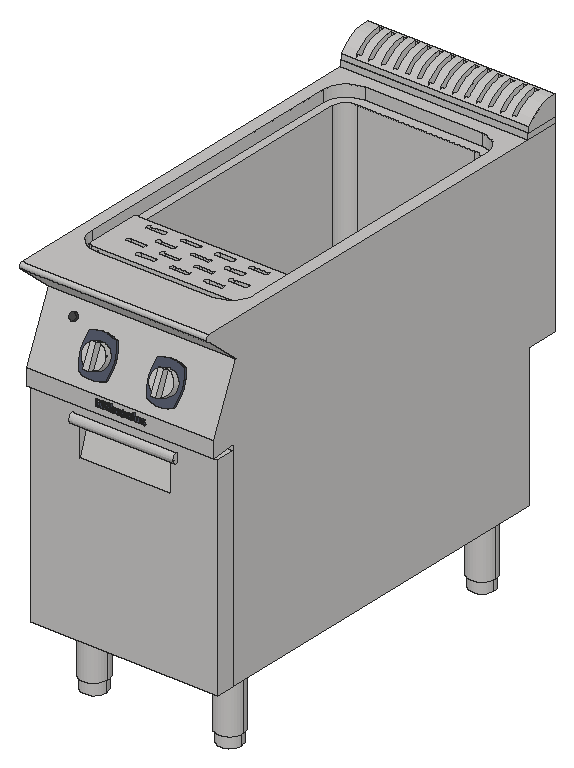
Revit family "QF_ELECTROLUXPROFESSIONAL_391203_E9PCED1MF2", category Specialty Equipment, Revit 2018
Family settings
  Round Connector Dimension = Use Diameter
  Part Type = Normal
  Work Plane-Based = No
  Always vertical = Yes
  Cut with Voids When Loaded = No
  Shared = No
  Room Calculation Point = No
Parameters
  Width = 400 mm  # constant formula
  Weight in Pounds = 136.7  # constant formula
  Watts = 10000 VA  # 10000 W
  Waste Water Discharge Temperature [instance] = -459.67 °F
  Volts = 208 V  # constant formula
  URL Cutsheet = "www.electrolux.com/foodservice"
  URL = "www.electrolux.com/foodservice"
  Type Mark [instance] = ""
  Status [instance] = ""
  Specification by User [instance] = ""
  Specification by Manufacturer = ""
  Show Logo [instance] = yes
  Show Clearance [instance] = yes
  Serial Number = ""
  Seismic Rating = ""
  SMACNA No = ""
  Revision Code [instance] = ""
  Plumbing Remarks [instance] = ""
  Plumbing Connection Type [instance] = ""
  Phase = 3  # constant formula
  Omniclass Number and Title = ""
  Number of Poles [instance] = 1
  NAFEM Spec ID Number = ""
  Model = "391203"
  Min Ckt Ampacity = 0 A
  Max Overcurrent Protection = 0 A
  Masterspec = ""
  Manufacturer = "ELECTROLUX"
  Item Number [instance] = ""
  Installed By [instance] = ""
  Indirect Waste Size = 25.4 mm  # 1"
  Indirect Waste Flow [instance] = 0 GPM
  Indirect Waste Connection Type [instance] = ""
  Indirect Waste Connection Height = 0 mm
  Identify Quantity as Lot [instance] = yes
  Height = 851 mm  # constant formula
  HP = "13.4 HP"
  Furnished By [instance] = ""
  Foodservice Equipment Identifier [instance] = yes
  FL Amps = if(Phase = 3, Watts / (Volts * 1.73), Watts / Volts)  # 27.7901 A
  Electrical Remarks [instance] = ""
  Electric Connection Type [instance] = ""
  Elec Conn RI Height [instance] = 0 mm
  Elec Conn Connection Height [instance] = 0 mm
  Direct Waste Size = 1"
  Description = "ELECTRIC PASTA COOKER 1X40 LT WELL-208V"
  Depth = 930 mm  # constant formula
  Cycle [instance] = if([60 Hertz Option], 60 Hz, 50 Hz)  # 60 Hz
  Conn Plug = ""
  Conn Conduit = yes
  Cold Water Temperature Recommended [instance] = -459.67 °F
  Cold Water Size = 19.1 mm  # 0.75197"
  Cold Water RI Height [instance] = 0 mm
  Cold Water Minimum Pressure = 0.00 psi
  Cold Water Maximum Pressure = 0.00 psi
  Cold Water Flow [instance] = 0 GPM
  Cold Water Consumption = ""
  Cold Water Connection Height = 0 mm
  CSI MasterFormat = ""
  CSI Master Format = ""
  Base Height [instance] = 150 mm  # constant formula
  Apparent Power = if(Phase = 3, Volts * FL Amps * 1.73, Volts * FL Amps)  # 10000 VA
  60 Hertz Option [instance] = not([50 Hertz Option])  # yes
  50 Hertz Option [instance] = no
Reference planes
  plane 1 "BACK": y = 0
  plane 2: z = 0
  plane 3 "LEFT": x = 0
  plane 4 "RIGHT": x = 400
  plane 5 "FRONT": y = -930
  plane 6 "TOP": z = 908
  plane 7 "Center Y": x = 200
  plane 8 "Center X": y = -465
  plane 9 "BASE": z = 601.763
  plane 10 "TOP A": z = 851
  plane 11: z = 150
  plane 12: y = -126
  plane 13: y = -800
  plane 14: y = -1273
  plane 15: x = 345
  plane 16: x = 55
  plane 17: y = -1273
  plane 18: x = 232
  plane 19: x = 334.782
  plane 20: x = 240
  plane 21: x = 240
Forms (mm)
  Extrusion 1, solid, material "QF_Finishes_Stainless Steel"
    sketch origin (0, 0, 0) x (0, 1, 0) y (0, 0, 1)
      loop
        line (0, 851) -> (-923.65, 851)
        arc (-923.65, 851) -> (-929.517, 847.08) -> (-928.14, 840.16) r 6.35
        line (-928.14, 840.16) -> (-852.034, 773.495) -> (-912.145, 642.892) -> (-912.145, 608.853) -> (-858.773, 614.463) -> (-858.773, 150) -> (-70, 150) -> (-70, 451.763) -> (0, 451.763) -> (0, 851)
      loop
        line (-900, 601.763) -> (-900, 150) -> (-860.361, 150) -> (-860.361, 601.763) -> (-900, 601.763)
    from 0 to 400
  Extrusion 2, void
    sketch origin (0, 0, 851) x (-1, 0, 0) y (0, -1, 0)
      loop
        arc (-75, 101.89) -> (-39.645, 116.535) -> (-25, 151.89) r 50
        line (-25, 151.89) -> (-25, 770)
        arc (-25, 770) -> (-39.645, 805.355) -> (-75, 820) r 50
        line (-75, 820) -> (-325, 820)
        arc (-325, 820) -> (-360.355, 805.355) -> (-375, 770) r 50
        line (-375, 770) -> (-375, 151.89)
        arc (-375, 151.89) -> (-360.355, 116.535) -> (-325, 101.89) r 50
        line (-325, 101.89) -> (-75, 101.89)
    from 0 to -25
  Extrusion 3, solid, material "QF_Clearances", visible <- "Show Clearance", detail levels coarse
    sketch origin (0, 0, 0) x (1, 0, 0) y (0, 1, 0)
      loop
        line (0, 0) -> (400, 0) -> (400, 100) -> (0, 100) -> (0, 0)
    from 0 to 908
  Revolve 4, solid, material "QF_Finishes_Stainless Steel"
    sketch origin (0, -126, 608.09) x (0, 0, 1) y (-1, 0, 0)
      loop
        line (-608.09, -55) -> (-458.09, -55) -> (-458.09, -26) -> (-583.09, -26) -> (-583.09, -28.75) -> (-608.09, -28.75) -> (-608.09, -55)
      axis (-608.09, -55) -> (-458.09, -55)
    angle from 0 to 360
  Revolve 5, solid, material "QF_Finishes_Stainless Steel"
    sketch origin (400.05, -126, 608.09) x (0, 0, 1) y (-1, 0, 0)
      loop
        line (-608.09, 55.05) -> (-608.09, 29.8) -> (-583.09, 29.8) -> (-583.09, 26.05) -> (-458.09, 26.05) -> (-458.09, 55.05) -> (-608.09, 55.05)
      axis (-608.09, 55.05) -> (-458.09, 55.05)
    angle from 0 to 360
  Extrusion 6, solid, material "QF_Door-Drawer Clearances", visible <- "Show Clearance", detail levels coarse
    sketch origin (0, 0, 851) x (-1, 0, 0) y (0, -1, 0)
      loop
        line (-400, 1273) -> (-400, 900) -> (-0.912, 900)
        arc (-0.912, 900) -> (-126.87, 1165.233) -> (-400, 1273) r 400
    from -701 to -249.237
  Revolve 7, solid, material "QF_Finishes_Stainless Steel"
    sketch origin (400.05, -800, 608.09) x (0, 0, 1) y (-1, 0, 0)
      loop
        line (-608.09, 55.05) -> (-608.09, 29.8) -> (-583.09, 29.8) -> (-583.09, 26.05) -> (-458.09, 26.05) -> (-458.09, 55.05) -> (-608.09, 55.05)
      axis (-608.09, 55.05) -> (-458.09, 55.05)
    angle from 0 to 360
  Extrusion 8, solid, material "QF_Finishes_Stainless Steel"
    sketch origin (200, 0, 0) x (0, 1, 0) y (0, 0, 1)
      loop
        line (-71.89, 863.9) -> (-71.89, 851) -> (0, 851) -> (0, 863.9) -> (-71.89, 863.9)
    from -200 to 200
  Extrusion 9, void
    sketch origin (200, -12.863, 0) x (0, 1, 0) y (0, 0, 1)
      loop
        line (-887.138, 564.263) -> (-887.138, 500.55) -> (-863.948, 564.263) -> (-887.138, 564.263)
    from -96.424 to 99.144
  Extrusion 10, solid, material "QF_Finishes_Stainless Steel"
    sketch origin (200, -12.863, 22.5) x (0, 1, 0) y (0, 0, 1)
      loop
        line (-887.137, 541.763) -> (-887.137, 561.763)
        arc (-887.137, 561.763) -> (-897.137, 551.763) -> (-887.137, 541.763) r 10
    from -110.529 to 112.106
  Revolve 11, solid, material "QF_Finishes_Stainless Steel"
    sketch origin (0, -800, 608.09) x (0, 0, 1) y (1, 0, 0)
      loop
        line (-608.09, 55) -> (-608.09, 28.75) -> (-583.09, 28.75) -> (-583.09, 26) -> (-458.09, 26) -> (-458.09, 55) -> (-608.09, 55)
      axis (-608.09, 55) -> (-458.09, 55)
    angle from 0 to 360
  Extrusion 12, solid, material "QF_Finishes_Stainless Steel"
    sketch origin (0, 0, 574.263) x (0, 1, 0) y (0, 0, 1)
      loop
        line (0, 289.638) -> (0, 333.737)
        arc (0, 333.737) -> (-39.336, 326.03) -> (-69.85, 300.038) r 79.141
        line (-69.85, 300.038) -> (-69.85, 289.638) -> (0, 289.638)
    from 0 to 400
  Extrusion 13, void
    sketch origin (0, 0, 848.9) x (0, -1, 0) y (1, 0, 0)
      loop
        line (6.761, 28.703) -> (63.911, 28.703) -> (63.911, 37.999) -> (6.761, 37.999) -> (6.761, 28.703)
      loop
        line (63.911, 63.487) -> (6.761, 63.487) -> (6.761, 54.191) -> (63.911, 54.191) -> (63.911, 63.487)
      loop
        line (63.911, 89.975) -> (6.761, 89.975) -> (6.761, 80.68) -> (63.911, 80.68) -> (63.911, 89.975)
      loop
        line (63.911, 115.464) -> (6.761, 115.464) -> (6.761, 106.168) -> (63.911, 106.168) -> (63.911, 115.464)
      loop
        line (63.911, 140.952) -> (6.761, 140.952) -> (6.761, 131.656) -> (63.911, 131.656) -> (63.911, 140.952)
      loop
        line (63.911, 166.44) -> (6.761, 166.44) -> (6.761, 157.145) -> (63.911, 157.145) -> (63.911, 166.44)
      loop
        line (63.911, 191.929) -> (6.761, 191.929) -> (6.761, 182.633) -> (63.911, 182.633) -> (63.911, 191.929)
      loop
        line (63.911, 217.417) -> (6.761, 217.417) -> (6.761, 208.121) -> (63.911, 208.121) -> (63.911, 217.417)
      loop
        line (63.911, 242.905) -> (6.761, 242.905) -> (6.761, 233.61) -> (63.911, 233.61) -> (63.911, 242.905)
      loop
        line (63.911, 268.394) -> (6.761, 268.394) -> (6.761, 259.098) -> (63.911, 259.098) -> (63.911, 268.394)
      loop
        line (63.911, 293.882) -> (6.761, 293.882) -> (6.761, 284.586) -> (63.911, 284.586) -> (63.911, 293.882)
      loop
        line (63.911, 319.37) -> (6.761, 319.37) -> (6.761, 310.075) -> (63.911, 310.075) -> (63.911, 319.37)
      loop
        line (63.911, 345.859) -> (6.761, 345.859) -> (6.761, 336.563) -> (63.911, 336.563) -> (63.911, 345.859)
      loop
        line (63.911, 370.347) -> (6.761, 370.347) -> (6.761, 361.051) -> (63.911, 361.051) -> (63.911, 370.347)
    from 25.4 to 63.5
  Extrusion 14, solid, material "QF_Finishes_Navy Blue", visible <- "Show Logo"
    sketch origin (0, -912.145, 608.853) x (0, 0, 1) y (-1, 0, 0)
      loop
        line (27.359, -159.055) -> (14.993, -159.055)
        arc (14.993, -159.055) -> (21.176, -163.626) -> (27.359, -159.055) r 6.467
      loop
        arc (27.359, -158.426) -> (26.19, -153.283) -> (21.534, -150.805) r 6.338
        line (21.534, -150.805) -> (21.534, -152.851)
        arc (21.534, -152.851) -> (23.018, -156.506) -> (26.464, -158.426) r 5.941
        line (26.464, -158.426) -> (27.359, -158.426)
      loop
        arc (15.888, -158.426) -> (19.334, -156.506) -> (20.817, -152.851) r 5.941
        line (20.817, -152.851) -> (20.817, -150.805)
        arc (20.817, -150.805) -> (16.123, -153.279) -> (14.834, -158.426) r 6.504
        line (14.834, -158.426) -> (15.888, -158.426)
      loop
        line (28.034, -150.336) -> (14.29, -150.336) -> (14.29, -164.099) -> (28.034, -164.099) -> (28.034, -150.336)
      loop
        arc (28.118, -167.066) -> (27.77, -166.709) -> (27.403, -167.047) r 0.358
        arc (27.403, -167.047) -> (27.089, -167.797) -> (26.372, -168.182) r 1.216
        line (26.372, -168.182) -> (15.959, -168.182)
        arc (15.959, -168.182) -> (15.299, -167.904) -> (14.903, -167.308) r 1.238
        arc (14.903, -167.308) -> (14.509, -167.057) -> (14.203, -167.411) r 0.358
        line (14.203, -167.411) -> (14.203, -177.29) -> (16.954, -177.29) -> (16.954, -176.393)
        arc (16.954, -176.393) -> (16.045, -175.813) -> (15.589, -174.836) r 1.928
        line (15.589, -174.836) -> (15.589, -172.337)
        arc (15.589, -172.337) -> (15.865, -171.608) -> (16.553, -171.244) r 1.101
        line (16.553, -171.244) -> (20.64, -171.244) -> (20.64, -174.917)
        arc (20.64, -174.917) -> (20.287, -175.414) -> (19.722, -175.642) r 1.083
        arc (19.722, -175.642) -> (19.459, -175.948) -> (19.751, -176.226) r 0.292
        line (19.751, -176.226) -> (22.713, -176.226)
        arc (22.713, -176.226) -> (23.016, -175.953) -> (22.777, -175.623) r 0.305
        arc (22.777, -175.623) -> (22.286, -175.375) -> (21.981, -174.917) r 1.083
        line (21.981, -174.917) -> (21.981, -171.244) -> (26.659, -171.244) -> (26.659, -174.991)
        arc (26.659, -174.991) -> (26.444, -175.747) -> (25.838, -176.245) r 1.314
        arc (25.838, -176.245) -> (25.619, -176.649) -> (25.973, -176.941) r 0.361
        line (25.973, -176.941) -> (28.118, -176.941) -> (28.118, -167.066)
      loop
        arc (27.4, -177.722) -> (27.02, -178.641) -> (26.101, -179.021) r 1.299
        line (26.101, -179.021) -> (16.522, -179.021)
        arc (16.522, -179.021) -> (15.684, -178.643) -> (15.413, -177.765) r 1.118
        line (15.413, -177.765) -> (14.203, -177.765) -> (14.203, -183.115) -> (15.391, -183.115)
        arc (15.391, -183.115) -> (15.663, -182.198) -> (16.533, -181.802) r 1.153
        line (16.533, -181.802) -> (28.605, -181.802) -> (27.4, -177.722)
      loop
        line (19.168, -185.751) -> (19.168, -192.198) -> (19.967, -192.198)
        arc (19.967, -192.198) -> (22.547, -191.214) -> (23.816, -188.76) r 3.874
        line (23.816, -188.76) -> (23.816, -187)
        arc (23.816, -187) -> (22.629, -184.135) -> (19.765, -182.949) r 4.051
        line (19.765, -182.949) -> (17.757, -182.949)
        arc (17.757, -182.949) -> (14.938, -184.434) -> (13.887, -187.441) r 4.352
        arc (13.887, -187.441) -> (14.251, -189.904) -> (15.629, -191.978) r 5.713
        line (15.629, -191.978) -> (16.578, -191.978)
        arc (16.578, -191.978) -> (15.845, -190.409) -> (15.629, -188.691) r 5.579
        arc (15.629, -188.691) -> (16.422, -186.728) -> (18.301, -185.751) r 3.057
        line (18.301, -185.751) -> (19.168, -185.751)
      loop
        line (20.427, -185.751) -> (20.427, -189.333)
        arc (20.427, -189.333) -> (21.884, -189.38) -> (22.767, -188.221) r 1.59
        line (22.767, -188.221) -> (22.767, -187.391)
        arc (22.767, -187.391) -> (21.902, -186.136) -> (20.427, -185.751) r 2.184
      loop
        arc (23.218, -201.616) -> (23.707, -199.942) -> (23.864, -198.205) r 9.023
        line (23.864, -198.205) -> (23.864, -196.843)
        arc (23.864, -196.843) -> (22.705, -194.043) -> (19.905, -192.883) r 3.959
        line (19.905, -192.883) -> (17.305, -192.883)
        arc (17.305, -192.883) -> (15.023, -194.176) -> (13.906, -196.549) r 4.331
        line (13.906, -196.549) -> (13.906, -198.684)
        arc (13.906, -198.684) -> (14.414, -200.234) -> (15.336, -201.58) r 5.772
        arc (15.336, -201.58) -> (16.098, -201.631) -> (16.184, -200.872) r 0.553
        arc (16.184, -200.872) -> (15.796, -200.138) -> (15.662, -199.319) r 2.573
        line (15.662, -199.319) -> (15.662, -197.804)
        arc (15.662, -197.804) -> (16.668, -196.162) -> (18.483, -195.52) r 2.884
        line (18.483, -195.52) -> (19.762, -195.52)
        arc (19.762, -195.52) -> (21.583, -196.08) -> (22.509, -197.745) r 2.554
        line (22.509, -197.745) -> (22.509, -198.798)
        arc (22.509, -198.798) -> (22.178, -199.726) -> (21.521, -200.461) r 2.564
        arc (21.521, -200.461) -> (21.299, -201.178) -> (21.909, -201.616) r 0.643
        line (21.909, -201.616) -> (23.218, -201.616)
      loop
        line (22.2, -201.886) -> (22.2, -203.387) -> (16.152, -203.387)
        arc (16.152, -203.387) -> (14.564, -204.045) -> (13.906, -205.633) r 2.246
        line (13.906, -205.633) -> (13.906, -207.217)
        arc (13.906, -207.217) -> (14.22, -208.081) -> (14.72, -208.853) r 4.06
        arc (14.72, -208.853) -> (15.453, -208.986) -> (15.704, -208.285) r 0.576
        arc (15.704, -208.285) -> (15.598, -207.759) -> (15.662, -207.227) r 1.69
        arc (15.662, -207.227) -> (16.204, -206.439) -> (17.11, -206.136) r 1.506
        line (17.11, -206.136) -> (22.248, -206.136) -> (22.248, -208.533) -> (22.805, -209.089) -> (23.626, -209.089) -> (23.626, -206.23) -> (26.857, -206.23) -> (22.2, -201.886)
      loop
        line (14.124, -209.987) -> (14.124, -215.374) -> (15.234, -215.374)
        arc (15.234, -215.374) -> (15.627, -214.423) -> (16.578, -214.029) r 1.345
        line (16.578, -214.029) -> (20.195, -214.029)
        arc (20.195, -214.029) -> (20.959, -214.621) -> (21.249, -215.543) r 1.615
        line (21.249, -215.543) -> (21.249, -217.099) -> (23.805, -217.784) -> (23.805, -216.401) -> (21.862, -213.842) -> (23.742, -213.842) -> (23.458, -211.136)
        arc (23.458, -211.136) -> (23.018, -210.606) -> (22.359, -210.807) r 0.621
        arc (22.359, -210.807) -> (21.959, -211.149) -> (21.465, -211.332) r 1.501
        line (21.465, -211.332) -> (16.578, -211.332)
        arc (16.578, -211.332) -> (15.627, -210.938) -> (15.234, -209.987) r 1.345
        line (15.234, -209.987) -> (14.124, -209.987)
      loop
        line (20.225, -217.321) -> (17.533, -217.321)
        arc (17.533, -217.321) -> (15.088, -218.629) -> (13.954, -221.159) r 4.288
        arc (13.954, -221.159) -> (13.89, -222.54) -> (13.954, -223.92) r 15.022
        arc (13.954, -223.92) -> (15.088, -226.451) -> (17.533, -227.758) r 4.288
        line (17.533, -227.758) -> (20.225, -227.758)
        arc (20.225, -227.758) -> (22.671, -226.451) -> (23.805, -223.92) r 4.288
        arc (23.805, -223.92) -> (23.868, -222.54) -> (23.805, -221.159) r 15.022
        arc (23.805, -221.159) -> (22.671, -218.629) -> (20.225, -217.321) r 4.288
      loop
        line (20.43, -220.435) -> (17.328, -220.435)
        arc (17.328, -220.435) -> (15.171, -222.592) -> (17.328, -224.749) r 2.157
        line (17.328, -224.749) -> (20.43, -224.749)
        arc (20.43, -224.749) -> (22.587, -222.592) -> (20.43, -220.435) r 2.157
      loop
        arc (27.411, -227.616) -> (27.041, -228.51) -> (26.147, -228.881) r 1.264
        line (26.147, -228.881) -> (16.282, -228.881)
        arc (16.282, -228.881) -> (15.412, -228.484) -> (15.141, -227.568) r 1.153
        line (15.141, -227.568) -> (14.203, -227.568) -> (14.203, -232.676) -> (15.131, -232.676)
        arc (15.131, -232.676) -> (15.49, -231.904) -> (16.282, -231.589) r 1.153
        line (16.282, -231.589) -> (28.605, -231.589) -> (27.411, -227.616)
      loop
        arc (22.531, -232.213) -> (22.332, -233.278) -> (21.363, -233.76) r 1.215
        line (21.363, -233.76) -> (16.343, -233.76)
        arc (16.343, -233.76) -> (14.728, -234.407) -> (14.008, -235.99) r 2.338
        line (14.008, -235.99) -> (14.008, -237.505)
        arc (14.008, -237.505) -> (14.182, -238.509) -> (14.684, -239.395) r 2.979
        line (14.684, -239.395) -> (14.203, -241.192) -> (14.203, -242.88) -> (23.629, -242.88) -> (23.335, -238.677) -> (22.548, -238.677)
        arc (22.548, -238.677) -> (22.192, -239.513) -> (21.44, -240.022) r 1.605
        line (21.44, -240.022) -> (16.337, -240.022)
        arc (16.337, -240.022) -> (15.917, -239.085) -> (15.844, -238.061) r 2.94
        arc (15.844, -238.061) -> (16.405, -236.96) -> (17.558, -236.517) r 1.724
        line (17.558, -236.517) -> (23.755, -236.517) -> (22.531, -232.213)
      loop
        line (23.559, -243.734) -> (21.887, -245.78) -> (18.713, -248.086) -> (15.257, -244.974)
        arc (15.257, -244.974) -> (15.02, -244.58) -> (15.042, -244.121) r 0.789
        line (15.042, -244.121) -> (14.203, -244.121) -> (14.203, -247.666) -> (15.029, -247.666)
        arc (15.029, -247.666) -> (15.372, -247.304) -> (15.862, -247.396) r 0.52
        line (15.862, -247.396) -> (17.661, -248.867) -> (15.543, -250.242)
        arc (15.543, -250.242) -> (15.142, -249.932) -> (15.055, -249.433) r 0.7
        line (15.055, -249.433) -> (14.203, -249.433) -> (14.203, -255.36) -> (15.09, -255.36)
        arc (15.09, -255.36) -> (15.157, -254.701) -> (15.552, -254.17) r 1.247
        line (15.552, -254.17) -> (19.751, -250.889) -> (22.198, -252.942) -> (23.559, -254.684) -> (23.559, -250.96) -> (22.074, -251.383) -> (20.553, -250.106) -> (22.253, -248.916) -> (23.559, -249.692) -> (23.559, -243.734)
    from 0 to 1.644
  Extrusion 15, void
    sketch origin (0, 0, 791) x (0, 1, 0) y (-1, 0, 0)
      loop
        arc (-121.89, -75) -> (-130.677, -53.787) -> (-151.89, -45) r 30
        line (-151.89, -45) -> (-606.643, -45)
        arc (-606.643, -45) -> (-627.856, -53.787) -> (-636.643, -75) r 30
        line (-636.643, -75) -> (-636.643, -325)
        arc (-636.643, -325) -> (-627.856, -346.213) -> (-606.643, -355) r 30
        line (-606.643, -355) -> (-151.89, -355)
        arc (-151.89, -355) -> (-130.677, -346.213) -> (-121.89, -325) r 30
        line (-121.89, -325) -> (-121.89, -75)
    from 35 to -339.237
  Extrusion 16, void
    sketch origin (0, -1273.285, 791) x (0, 1, 0) y (-1, 0, 0)
      loop
        line (473.285, -75) -> (473.285, -325)
        arc (473.285, -325) -> (482.072, -346.213) -> (503.285, -355) r 30
        line (503.285, -355) -> (666.643, -355)
        arc (666.643, -355) -> (645.429, -346.213) -> (636.643, -325) r 30
        line (636.643, -325) -> (636.643, -75)
        arc (636.643, -75) -> (645.429, -53.787) -> (666.643, -45) r 30
        line (666.643, -45) -> (503.285, -45)
        arc (503.285, -45) -> (482.072, -53.787) -> (473.285, -75) r 30
    from 35 to -189.237
  Extrusion 17, solid, material "QF_Finishes_Stainless Steel"
    sketch origin (-77.88, -4572, 150) x (-1, 0, 0) y (0, -1, 0)
      loop
        circle (-167.88, -3979.3) r 12.7
    from -12.7 to 0
  Extrusion 18, solid, material "QF_Finishes_Stainless Steel"
    sketch origin (0, 0, 150) x (-1, 0, 0) y (0, 1, 0)
      loop
        circle (-50, -710) r 6.35
    from 0 to 10
  Extrusion 19, solid, material "QF_Finishes_Stainless Steel"
    sketch origin (-77.88, -4572, 150) x (-1, 0, 0) y (0, -1, 0)
      loop
        circle (-427.88, -3942) r 9.525
    from -12.7 to 0
  Extrusion 20, solid, material "QF_Finishes_Navy Blue"
    sketch origin (-405.52, -913.486, 639.979) x (0, 0.418102, 0.9084) y (-1, 0, 0)
      loop
        arc (102.623, -510.47) -> (67.041, -502.846) -> (31.333, -509.853) r 90.5
        arc (31.333, -509.853) -> (24.507, -539.04) -> (31.333, -568.228) r 65.817
        arc (31.333, -568.228) -> (67.04, -575.188) -> (102.623, -567.615) r 91.066
        arc (102.623, -567.615) -> (109.179, -539.043) -> (102.623, -510.47) r 65.546
    from 0 to 3.175
  Extrusion 21, solid, material "QF_Finishes_Stainless Steel"
    sketch origin (-26.77, -917.2, 639.505) x (0, 0.418102, 0.9084) y (-1, 0, 0)
      loop
        circle (68.826, -160.963) r 25.4
    from 0 to 12.7
  Extrusion 22, solid, material "QF_Finishes_Stainless Steel"
    sketch origin (-26.77, -928.736, 644.814) x (0, 0.418102, 0.9084) y (-1, 0, 0)
      loop
        arc (93.558, -166.749) -> (94.226, -160.963) -> (93.558, -155.177) r 25.4
        line (93.558, -155.177) -> (44.094, -155.177)
        arc (44.094, -155.177) -> (43.426, -160.963) -> (44.094, -166.749) r 25.4
        line (44.094, -166.749) -> (93.558, -166.749)
    from 0 to 12.7
  Extrusion 23, solid, material "QF_Finishes_Navy Blue"
    sketch origin (-260.52, -913.486, 639.979) x (0, 0.418102, 0.9084) y (-1, 0, 0)
      loop
        arc (102.623, -510.47) -> (67.041, -502.846) -> (31.333, -509.853) r 90.5
        arc (31.333, -509.853) -> (24.507, -539.04) -> (31.333, -568.228) r 65.817
        arc (31.333, -568.228) -> (67.04, -575.188) -> (102.623, -567.615) r 91.066
        arc (102.623, -567.615) -> (109.179, -539.043) -> (102.623, -510.47) r 65.546
    from 0 to 3.175
  Extrusion 24, solid, material "QF_Finishes_Stainless Steel"
    sketch origin (118.23, -917.2, 639.505) x (0, 0.418102, 0.9084) y (-1, 0, 0)
      loop
        circle (68.826, -160.963) r 25.4
    from 0 to 12.7
  Extrusion 25, solid, material "QF_Finishes_Stainless Steel"
    sketch origin (118.23, -928.736, 644.814) x (0, 0.418102, 0.9084) y (-1, 0, 0)
      loop
        arc (93.558, -166.749) -> (94.226, -160.963) -> (93.558, -155.177) r 25.4
        line (93.558, -155.177) -> (44.094, -155.177)
        arc (44.094, -155.177) -> (43.426, -160.963) -> (44.094, -166.749) r 25.4
        line (44.094, -166.749) -> (93.558, -166.749)
    from 0 to 12.7
  Extrusion 26, solid, material "QF_Finishes_Black"
    sketch origin (-36.317, -915, 636.69) x (0, 0.418102, 0.9084) y (-1, 0, 0)
      loop
        circle (117.556, -101.317) r 7.5
    from 0 to 4
  Extrusion 27, solid, material "QF_Finishes_Stainless Steel"
    sketch origin (0, -15, 826) x (-1, 0, 0) y (0, -1, 0)
      loop
        arc (-35, 640.511) -> (-27.929, 643.44) -> (-25, 650.511) r 10
        line (-25, 650.511) -> (-25, 757.511)
        arc (-25, 757.511) -> (-27.929, 764.583) -> (-35, 767.511) r 10
        line (-35, 767.511) -> (-365, 767.511)
        arc (-365, 767.511) -> (-372.071, 764.583) -> (-375, 757.511) r 10
        line (-375, 757.511) -> (-375, 650.511)
        arc (-375, 650.511) -> (-372.071, 643.44) -> (-365, 640.511) r 10
        line (-365, 640.511) -> (-35, 640.511)
    from -12.7 to 6.4
  Extrusion 28, void
    sketch origin (0, -17.5, 832.4) x (0, -1, 0) y (-1, 0, 0)
      loop
        line (651.767, -72.185) -> (651.767, -104.163)
        arc (651.767, -104.163) -> (656.767, -109.163) -> (661.767, -104.163) r 5
        line (661.767, -104.163) -> (661.767, -72.185)
        arc (661.767, -72.185) -> (656.767, -67.185) -> (651.767, -72.185) r 5
      loop
        line (706.767, -72.185) -> (706.767, -104.163)
        arc (706.767, -104.163) -> (711.767, -109.163) -> (716.767, -104.163) r 5
        line (716.767, -104.163) -> (716.767, -72.185)
        arc (716.767, -72.185) -> (711.767, -67.185) -> (706.767, -72.185) r 5
      loop
        line (651.767, -145.518) -> (651.767, -177.496)
        arc (651.767, -177.496) -> (656.767, -182.496) -> (661.767, -177.496) r 5
        line (661.767, -177.496) -> (661.767, -145.518)
        arc (661.767, -145.518) -> (656.767, -140.518) -> (651.767, -145.518) r 5
      loop
        line (706.767, -145.518) -> (706.767, -177.496)
        arc (706.767, -177.496) -> (711.767, -182.496) -> (716.767, -177.496) r 5
        line (716.767, -177.496) -> (716.767, -145.518)
        arc (716.767, -145.518) -> (711.767, -140.518) -> (706.767, -145.518) r 5
      loop
        line (651.767, -218.851) -> (651.767, -250.829)
        arc (651.767, -250.829) -> (656.767, -255.829) -> (661.767, -250.829) r 5
        line (661.767, -250.829) -> (661.767, -218.851)
        arc (661.767, -218.851) -> (656.767, -213.851) -> (651.767, -218.851) r 5
      loop
        line (706.767, -218.851) -> (706.767, -250.829)
        arc (706.767, -250.829) -> (711.767, -255.829) -> (716.767, -250.829) r 5
        line (716.767, -250.829) -> (716.767, -218.851)
        arc (716.767, -218.851) -> (711.767, -213.851) -> (706.767, -218.851) r 5
      loop
        line (651.767, -292.185) -> (651.767, -324.163)
        arc (651.767, -324.163) -> (656.767, -329.163) -> (661.767, -324.163) r 5
        line (661.767, -324.163) -> (661.767, -292.185)
        arc (661.767, -292.185) -> (656.767, -287.185) -> (651.767, -292.185) r 5
      loop
        line (706.767, -292.185) -> (706.767, -324.163)
        arc (706.767, -324.163) -> (711.767, -329.163) -> (716.767, -324.163) r 5
        line (716.767, -324.163) -> (716.767, -292.185)
        arc (716.767, -292.185) -> (711.767, -287.185) -> (706.767, -292.185) r 5
      loop
        line (679.067, -115.095) -> (679.067, -147.073)
        arc (679.067, -147.073) -> (684.067, -152.073) -> (689.067, -147.073) r 5
        line (689.067, -147.073) -> (689.067, -115.095)
        arc (689.067, -115.095) -> (684.067, -110.095) -> (679.067, -115.095) r 5
      loop
        line (734.067, -115.095) -> (734.067, -147.073)
        arc (734.067, -147.073) -> (739.067, -152.073) -> (744.067, -147.073) r 5
        line (744.067, -147.073) -> (744.067, -115.095)
        arc (744.067, -115.095) -> (739.067, -110.095) -> (734.067, -115.095) r 5
      loop
        line (679.067, -188.428) -> (679.067, -220.407)
        arc (679.067, -220.407) -> (684.067, -225.407) -> (689.067, -220.407) r 5
        line (689.067, -220.407) -> (689.067, -188.428)
        arc (689.067, -188.428) -> (684.067, -183.428) -> (679.067, -188.428) r 5
      loop
        line (734.067, -188.428) -> (734.067, -220.407)
        arc (734.067, -220.407) -> (739.067, -225.407) -> (744.067, -220.407) r 5
        line (744.067, -220.407) -> (744.067, -188.428)
        arc (744.067, -188.428) -> (739.067, -183.428) -> (734.067, -188.428) r 5
      loop
        line (679.067, -261.762) -> (679.067, -293.74)
        arc (679.067, -293.74) -> (684.067, -298.74) -> (689.067, -293.74) r 5
        line (689.067, -293.74) -> (689.067, -261.762)
        arc (689.067, -261.762) -> (684.067, -256.762) -> (679.067, -261.762) r 5
      loop
        line (734.067, -261.762) -> (734.067, -293.74)
        arc (734.067, -293.74) -> (739.067, -298.74) -> (744.067, -293.74) r 5
        line (744.067, -293.74) -> (744.067, -261.762)
        arc (744.067, -261.762) -> (739.067, -256.762) -> (734.067, -261.762) r 5
    from 0 to 25.4
Cuts and joins
  Extrusion 2, Extrusion 9, Extrusion 15, Extrusion 16, Extrusion 28 cuts Extrusion 1
  Extrusion 13 cuts Extrusion 12
  Extrusion 28 cuts Extrusion 27
Lines and regions (mm)
  symbolic lines, style "QF_Clearances", visible <- "Show Clearance", detail levels coarse
    curve 1: line (400, 100, 851) -> (0, 100, 851)
  symbolic lines
    curve 2: line (0, -930, 851) -> (0, 0, 851)
    curve 3: line (400, 0, 851) -> (400, -930, 851)
    curve 4: line (400, -930, 851) -> (0, -930, 851)
    curve 7: line (0, -71.89, 851) -> (400, -71.89, 851)
    curve 8: line (0, 0, 851) -> (400, 0, 851)
    curve 9: line (28.703, -6.761, 851) -> (37.999, -6.761, 851)
    curve 10: line (28.703, -63.911, 851) -> (28.703, -6.761, 851)
    curve 11: line (37.999, -63.911, 851) -> (28.703, -63.911, 851)
    curve 12: line (37.999, -6.761, 851) -> (37.999, -63.911, 851)
    curve 13: line (54.191, -6.761, 851) -> (63.487, -6.761, 851)
    curve 14: line (54.191, -63.911, 851) -> (54.191, -6.761, 851)
    curve 15: line (63.487, -63.911, 851) -> (54.191, -63.911, 851)
    curve 16: line (63.487, -6.761, 851) -> (63.487, -63.911, 851)
    curve 17: line (80.68, -6.761, 851) -> (89.975, -6.761, 851)
    curve 18: line (80.68, -63.911, 851) -> (80.68, -6.761, 851)
    curve 19: line (89.975, -63.911, 851) -> (80.68, -63.911, 851)
    curve 20: line (89.975, -6.761, 851) -> (89.975, -63.911, 851)
    curve 21: line (106.168, -6.761, 851) -> (115.464, -6.761, 851)
    curve 22: line (106.168, -63.911, 851) -> (106.168, -6.761, 851)
    curve 23: line (115.464, -63.911, 851) -> (106.168, -63.911, 851)
    curve 24: line (115.464, -6.761, 851) -> (115.464, -63.911, 851)
    curve 25: line (131.656, -6.761, 851) -> (140.952, -6.761, 851)
    curve 26: line (131.656, -63.911, 851) -> (131.656, -6.761, 851)
    curve 27: line (140.952, -63.911, 851) -> (131.656, -63.911, 851)
    curve 28: line (140.952, -6.761, 851) -> (140.952, -63.911, 851)
    curve 29: line (157.145, -6.761, 851) -> (166.44, -6.761, 851)
    curve 30: line (157.145, -63.911, 851) -> (157.145, -6.761, 851)
    curve 31: line (166.44, -63.911, 851) -> (157.145, -63.911, 851)
    curve 32: line (166.44, -6.761, 851) -> (166.44, -63.911, 851)
    curve 33: line (182.633, -6.761, 851) -> (191.929, -6.761, 851)
    curve 34: line (182.633, -63.911, 851) -> (182.633, -6.761, 851)
    curve 35: line (191.929, -63.911, 851) -> (182.633, -63.911, 851)
    curve 36: line (191.929, -6.761, 851) -> (191.929, -63.911, 851)
    curve 37: line (208.121, -6.761, 851) -> (218.417, -6.761, 851)
    curve 38: line (208.121, -63.911, 851) -> (208.121, -6.761, 851)
    curve 39: line (218.417, -63.911, 851) -> (208.121, -63.911, 851)
    curve 40: line (218.417, -6.761, 851) -> (218.417, -63.911, 851)
    curve 41: line (234.61, -6.761, 851) -> (243.905, -6.761, 851)
    curve 42: line (234.61, -63.911, 851) -> (234.61, -6.761, 851)
    curve 43: line (243.905, -63.911, 851) -> (234.61, -63.911, 851)
    curve 44: line (243.905, -6.761, 851) -> (243.905, -63.911, 851)
    curve 45: line (260.098, -6.761, 851) -> (269.394, -6.761, 851)
    curve 46: line (260.098, -63.911, 851) -> (260.098, -6.761, 851)
    curve 47: line (269.394, -63.911, 851) -> (260.098, -63.911, 851)
    curve 48: line (269.394, -6.761, 851) -> (269.394, -63.911, 851)
    curve 49: line (285.586, -6.761, 851) -> (294.882, -6.761, 851)
    curve 50: line (285.586, -63.911, 851) -> (285.586, -6.761, 851)
    curve 51: line (294.882, -63.911, 851) -> (285.586, -63.911, 851)
    curve 52: line (294.882, -6.761, 851) -> (294.882, -63.911, 851)
    curve 53: line (311.075, -6.761, 851) -> (320.37, -6.761, 851)
    curve 54: line (311.075, -63.911, 851) -> (311.075, -6.761, 851)
    curve 55: line (320.37, -63.911, 851) -> (311.075, -63.911, 851)
    curve 56: line (320.37, -6.761, 851) -> (320.37, -63.911, 851)
    curve 57: line (336.563, -6.761, 851) -> (345.859, -6.761, 851)
    curve 58: line (336.563, -63.911, 851) -> (336.563, -6.761, 851)
    curve 59: line (345.859, -63.911, 851) -> (336.563, -63.911, 851)
    curve 60: line (345.859, -6.761, 851) -> (345.859, -63.911, 851)
    curve 61: line (361.051, -6.761, 851) -> (370.347, -6.761, 851)
    curve 62: line (361.051, -63.911, 851) -> (361.051, -6.761, 851)
    curve 63: line (370.347, -63.911, 851) -> (361.051, -63.911, 851)
    curve 64: line (370.347, -6.761, 851) -> (370.347, -63.911, 851)
    curve 65: line (25, -770, 851) -> (25, -151.89, 851)
    curve 66: arc (25, -151.89, 851) -> (39.645, -116.535, 851) -> (75, -101.89, 851) r 50
    curve 67: line (75, -101.89, 851) -> (325, -101.89, 851)
    curve 68: arc (325, -101.89, 851) -> (360.355, -116.535, 851) -> (375, -151.89, 851) r 50
    curve 69: line (375, -151.89, 851) -> (375, -770, 851)
    curve 70: arc (375, -770, 851) -> (360.355, -805.355, 851) -> (325, -820, 851) r 50
    curve 71: line (325, -820, 851) -> (75, -820, 851)
    curve 72: arc (75, -820, 851) -> (39.645, -805.355, 851) -> (25, -770, 851) r 50
    curve 73: line (75, -121.89, 851) -> (325, -121.89, 851)
    curve 74: arc (325, -121.89, 851) -> (346.213, -130.677, 851) -> (355, -151.89, 851) r 30
    curve 75: line (355, -151.89, 851) -> (355, -655.511, 851)
    curve 76: arc (352.267, -782.511, 851) -> (341.197, -795.252, 851) -> (325, -800, 851) r 30
    curve 77: line (325, -800, 851) -> (75, -800, 851)
    curve 78: arc (75, -800, 851) -> (58.803, -795.252, 851) -> (47.733, -782.511, 851) r 30
    curve 79: line (45, -655.511, 851) -> (45, -151.89, 851)
    curve 80: arc (45, -151.89, 851) -> (53.787, -130.677, 851) -> (75, -121.89, 851) r 30
    curve 81: line (75, -636.643, 851) -> (325, -636.643, 851)
    curve 82: arc (45, -606.643, 851) -> (53.787, -627.856, 851) -> (75, -636.643, 851) r 30
    curve 83: arc (325, -636.643, 851) -> (346.213, -627.856, 851) -> (355, -606.643, 851) r 30
    curve 84: line (365, -655.511, 0) -> (35, -655.511, 0)
    curve 85: arc (35, -655.511, 0) -> (27.929, -658.44, 0) -> (25, -665.511, 0) r 10
    curve 86: line (25, -665.511, 0) -> (25, -772.511, 0)
    curve 87: arc (25, -772.511, 0) -> (27.929, -779.583, 0) -> (35, -782.511, 0) r 10
    curve 88: line (35, -782.511, 0) -> (365, -782.511, 0)
    curve 89: arc (365, -782.511, 0) -> (372.071, -779.583, 0) -> (375, -772.511, 0) r 10
    curve 90: line (375, -772.511, 0) -> (375, -665.511, 0)
    curve 91: arc (375, -665.511, 0) -> (372.071, -658.44, 0) -> (365, -655.511, 0) r 10
    curve 92: line (104.163, -679.267, 0) -> (72.185, -679.267, 0)
    curve 93: arc (72.185, -679.267, 0) -> (67.185, -674.267, 0) -> (72.185, -669.267, 0) r 5
    curve 94: line (72.185, -669.267, 0) -> (104.163, -669.267, 0)
    curve 95: arc (104.163, -669.267, 0) -> (109.163, -674.267, 0) -> (104.163, -679.267, 0) r 5
    curve 96: line (177.496, -679.267, 0) -> (145.518, -679.267, 0)
    curve 97: arc (145.518, -679.267, 0) -> (140.518, -674.267, 0) -> (145.518, -669.267, 0) r 5
    curve 98: line (145.518, -669.267, 0) -> (177.496, -669.267, 0)
    curve 99: arc (177.496, -669.267, 0) -> (182.496, -674.267, 0) -> (177.496, -679.267, 0) r 5
    curve 100: line (250.829, -679.267, 0) -> (218.851, -679.267, 0)
    curve 101: arc (218.851, -679.267, 0) -> (213.851, -674.267, 0) -> (218.851, -669.267, 0) r 5
    curve 102: line (218.851, -669.267, 0) -> (250.829, -669.267, 0)
    curve 103: arc (250.829, -669.267, 0) -> (255.829, -674.267, 0) -> (250.829, -679.267, 0) r 5
    curve 104: line (292.185, -669.267, 0) -> (324.163, -669.267, 0)
    curve 105: arc (324.163, -669.267, 0) -> (329.163, -674.267, 0) -> (324.163, -679.267, 0) r 5
    curve 106: line (324.163, -679.267, 0) -> (292.185, -679.267, 0)
    curve 107: arc (292.185, -679.267, 0) -> (287.185, -674.267, 0) -> (292.185, -669.267, 0) r 5
    curve 108: line (293.74, -706.567, 0) -> (261.762, -706.567, 0)
    curve 109: arc (261.762, -706.567, 0) -> (256.762, -701.567, 0) -> (261.762, -696.567, 0) r 5
    curve 110: line (261.762, -696.567, 0) -> (293.74, -696.567, 0)
    curve 111: arc (293.74, -696.567, 0) -> (298.74, -701.567, 0) -> (293.74, -706.567, 0) r 5
    curve 112: line (292.185, -724.267, 0) -> (324.163, -724.267, 0)
    curve 113: arc (324.163, -724.267, 0) -> (329.163, -729.267, 0) -> (324.163, -734.267, 0) r 5
    curve 114: line (324.163, -734.267, 0) -> (292.185, -734.267, 0)
    curve 115: arc (292.185, -734.267, 0) -> (287.185, -729.267, 0) -> (292.185, -724.267, 0) r 5
    curve 116: line (261.762, -751.567, 0) -> (293.74, -751.567, 0)
    curve 117: arc (293.74, -751.567, 0) -> (298.74, -756.567, 0) -> (293.74, -761.567, 0) r 5
    curve 118: line (293.74, -761.567, 0) -> (261.762, -761.567, 0)
    curve 119: arc (261.762, -761.567, 0) -> (256.762, -756.567, 0) -> (261.762, -751.567, 0) r 5
    curve 120: line (218.851, -724.267, 0) -> (250.829, -724.267, 0)
    curve 121: arc (250.829, -724.267, 0) -> (255.829, -729.267, 0) -> (250.829, -734.267, 0) r 5
    curve 122: line (250.829, -734.267, 0) -> (218.851, -734.267, 0)
    curve 123: arc (218.851, -734.267, 0) -> (213.851, -729.267, 0) -> (218.851, -724.267, 0) r 5
    curve 124: line (220.407, -706.567, 0) -> (188.428, -706.567, 0)
    curve 125: arc (188.428, -706.567, 0) -> (183.428, -701.567, 0) -> (188.428, -696.567, 0) r 5
    curve 126: line (188.428, -696.567, 0) -> (220.407, -696.567, 0)
    curve 127: arc (220.407, -696.567, 0) -> (225.407, -701.567, 0) -> (220.407, -706.567, 0) r 5
    curve 128: line (147.073, -706.567, 0) -> (115.095, -706.567, 0)
    curve 129: arc (115.095, -706.567, 0) -> (110.095, -701.567, 0) -> (115.095, -696.567, 0) r 5
    curve 130: line (115.095, -696.567, 0) -> (147.073, -696.567, 0)
    curve 131: arc (147.073, -696.567, 0) -> (152.073, -701.567, 0) -> (147.073, -706.567, 0) r 5
    curve 132: line (72.185, -724.267, 0) -> (104.163, -724.267, 0)
    curve 133: arc (104.163, -724.267, 0) -> (109.163, -729.267, 0) -> (104.163, -734.267, 0) r 5
    curve 134: line (104.163, -734.267, 0) -> (72.185, -734.267, 0)
    curve 135: arc (72.185, -734.267, 0) -> (67.185, -729.267, 0) -> (72.185, -724.267, 0) r 5
    curve 136: line (177.496, -734.267, 0) -> (145.518, -734.267, 0)
    curve 137: arc (145.518, -734.267, 0) -> (140.518, -729.267, 0) -> (145.518, -724.267, 0) r 5
    curve 138: line (145.518, -724.267, 0) -> (177.496, -724.267, 0)
    curve 139: arc (177.496, -724.267, 0) -> (182.496, -729.267, 0) -> (177.496, -734.267, 0) r 5
    curve 140: line (115.095, -751.567, 0) -> (147.073, -751.567, 0)
    curve 141: arc (147.073, -751.567, 0) -> (152.073, -756.567, 0) -> (147.073, -761.567, 0) r 5
    curve 142: line (147.073, -761.567, 0) -> (115.095, -761.567, 0)
    curve 143: arc (115.095, -761.567, 0) -> (110.095, -756.567, 0) -> (115.095, -751.567, 0) r 5
    curve 144: line (188.428, -751.567, 0) -> (220.407, -751.567, 0)
    curve 145: arc (220.407, -751.567, 0) -> (225.407, -756.567, 0) -> (220.407, -761.567, 0) r 5
    curve 146: line (220.407, -761.567, 0) -> (188.428, -761.567, 0)
    curve 147: arc (188.428, -761.567, 0) -> (183.428, -756.567, 0) -> (188.428, -751.567, 0) r 5
  symbolic lines, style "QF_Door-Drawer Clearances"
    curve 5: arc (4.082, -930, 851) -> (23.737, -1008.742, 851) -> (58.881, -1081.897, 851) r 400
    curve 6: line (58.881, -1081.897, 851) -> (326.76, -930, 851)
Dimensions and locks
  equal spacing: plane 3 "LEFT", plane 7 "Center Y", plane 4 "RIGHT"
  "Width": plane 3 "LEFT" to plane 4 "RIGHT"
  equal spacing: plane 5 "FRONT", plane 8 "Center X", plane 1 "BACK"
  "Depth": plane 5 "FRONT" to plane 1 "BACK"
  plane 1 "BACK" to plane 5 "FRONT" = 930 mm
  "Base Height": plane 11 to level
  plane 1 "BACK" to plane 12 = 126 mm
  plane 12 to plane 13 to cut or joined group of Extrusion 1, Extrusion 2, Extrusion 9, Extrusion 15, Extrusion 16, Extrusion 28 = 674 mm, 100 mm
  locked: plane 14 to plane 5 "FRONT" at 343
  plane 4 "RIGHT" to plane 15 = 55 mm
  plane 16 to plane 3 "LEFT" = 55 mm
  plane 5 "FRONT" to plane 1 "BACK" = 930 mm
  plane 4 "RIGHT" to plane 3 "LEFT" = 400 mm
  plane 5 "FRONT" to plane 17 = 343 mm
  plane 1 "BACK" to curve 1 = 100 mm
  "Height": plane 10 "TOP A" to level
  plane 10 "TOP A" to plane 11 = 701 mm
  plane 10 "TOP A" to plane 11 to level = 701 mm, 150 mm
  plane 6 "TOP" to level = 908 mm
  plane 15 to plane 16 = 290 mm
  plane 3 "LEFT" to Extrusion 17 sketch curve = 90 mm
  Extrusion 17 sketch curve to plane 1 "BACK" = 592.7 mm
  Extrusion 17 to cut or joined group of Extrusion 1, Extrusion 2, Extrusion 9, Extrusion 15, Extrusion 16, Extrusion 28 = 12.7 mm
  plane 3 "LEFT" to Extrusion 18 sketch curve = 50 mm
  Extrusion 18 sketch curve to plane 1 "BACK" = 710 mm
  Extrusion 18 to plane 1 "BACK" = 710 mm
  Extrusion 17 to plane 1 "BACK" = 592.7 mm
  plane 3 "LEFT" to plane 18 = 232 mm
  plane 19 to plane 4 "RIGHT" = 65.218 mm
  Extrusion 19 to plane 1 "BACK" = 630 mm
  Extrusion 19 to cut or joined group of Extrusion 1, Extrusion 2, Extrusion 9, Extrusion 15, Extrusion 16, Extrusion 28 = 12.7 mm
  plane 1 "BACK" to Extrusion 19 = 630 mm
  plane 1 "BACK" to Extrusion 18 = 710 mm
  plane 1 "BACK" to Extrusion 17 = 592.7 mm
  plane 11 to Extrusion 19 = 12.7 mm
  plane 3 "LEFT" to plane 21 = 240 mm
  Extrusion 19 sketch curve to plane 1 "BACK" = 630 mm
  Extrusion 19 sketch curve to plane 4 "RIGHT" = 50 mm
  aligned and locked: level to plane 2
  aligned and locked: plane 4 "RIGHT" to Extrusion 1
  aligned and locked: plane 6 "TOP" to Extrusion 3
  aligned and locked: plane 13 to Revolve 7
  aligned and locked: plane 12 to Revolve 4
  aligned and locked: plane 12 to Revolve 5
  aligned and locked: plane 4 "RIGHT" to Extrusion 8
  aligned and locked: plane 14 to Extrusion 6 sketch curve
  aligned and locked: plane 13 to Revolve 11
Automatic sketch dimensions
  plane 3 "LEFT" to curve 86 = 25 mm
  curve 87 to curve 88 = 10 mm
  curve 85 to curve 84 = 10 mm
  plane 16 to curve 94 = 17.185 mm
  plane 16 to curve 135 = 17.185 mm
  curve 93 to curve 92 = 31.978 mm
  curve 135 to curve 133 = 31.978 mm
  curve 133 to curve 140 = 10.932 mm
  curve 132 to curve 128 = 10.932 mm
  curve 130 to curve 97 = 30.423 mm
  curve 140 to curve 136 = 30.423 mm
  curve 138 to curve 131 = 1.555 mm
  curve 137 to curve 142 = 1.555 mm
  curve 136 to plane 7 "Center Y" = 22.504 mm
  curve 98 to plane 7 "Center Y" = 22.504 mm
  curve 147 to plane 7 "Center Y" = 11.572 mm
  curve 126 to plane 7 "Center Y" = 11.572 mm
  plane 18 to curve 102 = 13.149 mm
  plane 18 to curve 123 = 13.149 mm
  plane 18 to curve 144 = 11.593 mm
  plane 18 to curve 127 = 11.593 mm
  curve 122 to plane 20 = 10.829 mm
  curve 102 to plane 20 = 10.829 mm
  curve 121 to curve 119 = 10.932 mm
  curve 120 to curve 108 = 10.932 mm
  curve 110 to curve 107 = 30.423 mm
  curve 109 to curve 115 = 30.423 mm
  curve 115 to curve 117 = 1.555 mm
  curve 112 to curve 111 = 1.555 mm
  plane 19 to curve 112 = 10.619 mm
  plane 19 to curve 106 = 10.619 mm
  plane 15 to curve 91 = 20 mm
  plane 15 to curve 88 = 20 mm
  curve 91 to curve 90 = 10 mm
  curve 87 to plane 13 = 17.489 mm
  curve 146 to plane 13 = 38.433 mm
  curve 141 to plane 13 = 38.433 mm
  curve 117 to plane 13 = 38.433 mm
  curve 118 to curve 117 = 5 mm
  curve 146 to curve 145 = 5 mm
  curve 142 to curve 143 = 5 mm
  curve 140 to curve 134 = 17.3 mm
  curve 116 to curve 114 = 17.3 mm
  curve 140 to curve 136 = 17.3 mm
  curve 144 to curve 123 = 17.3 mm
  curve 122 to curve 123 = 5 mm
  curve 114 to curve 115 = 5 mm
  curve 134 to curve 133 = 5 mm
  curve 136 to curve 137 = 5 mm
  curve 138 to curve 125 = 17.7 mm
  curve 112 to curve 111 = 17.7 mm
  curve 138 to curve 131 = 17.7 mm
  curve 108 to curve 109 = 5 mm
  curve 124 to curve 125 = 5 mm
  curve 128 to curve 131 = 5 mm
  curve 130 to curve 96 = 17.3 mm
  curve 110 to curve 100 = 17.3 mm
  curve 130 to curve 95 = 17.3 mm
  curve 110 to curve 105 = 17.3 mm
  curve 96 to curve 97 = 5 mm
  curve 92 to curve 93 = 5 mm
  curve 100 to curve 103 = 5 mm
  curve 106 to curve 105 = 5 mm
  curve 105 to curve 91 = 3.756 mm
  Extrusion 1 sketch curve to plane 10 "TOP A" = 0 mm
  Extrusion 1 sketch curve to plane 9 "BASE" = 0 mm
  Extrusion 1 sketch curve to plane 11 = 0 mm  (x2)
  Extrusion 1 sketch curve to plane 1 "BACK" = 0 mm
  Extrusion 1 sketch curve to plane 12 = 56 mm
  plane 13 to Extrusion 1 sketch curve = 52.034 mm
  plane 13 to Extrusion 1 sketch curve = 58.773 mm
  Extrusion 1 sketch curve to Extrusion 1 sketch curve = 1.588 mm
  Extrusion 1 sketch curve to plane 5 "FRONT" = 30 mm
  plane 9 "BASE" to Extrusion 1 sketch curve = 7.09 mm
  Extrusion 1 sketch curve to Extrusion 1 sketch curve = 12.145 mm
  Extrusion 1 sketch curve to plane 5 "FRONT" = 6.35 mm
  Extrusion 1 sketch curve to plane 5 "FRONT" = 1.86 mm
  Extrusion 1 sketch curve to plane 9 "BASE" = 150 mm
  plane 9 "BASE" to Extrusion 1 sketch curve = 12.7 mm
  Extrusion 1 sketch curve to Extrusion 1 sketch curve = 34.039 mm
  Extrusion 1 sketch curve to plane 10 "TOP A" = 77.505 mm
  Extrusion 1 sketch curve to plane 10 "TOP A" = 10.84 mm
  Extrusion 2 sketch curve to plane 4 "RIGHT" = 25 mm
  plane 19 to Extrusion 2 sketch curve = 9.782 mm  (x2)
  plane 16 to Extrusion 2 sketch curve = 20 mm  (x2)
  plane 3 "LEFT" to Extrusion 2 sketch curve = 25 mm
  Extrusion 2 sketch curve to plane 12 = 24.11 mm
  Extrusion 2 sketch curve to plane 13 = 30 mm
  Extrusion 3 sketch curve to plane 3 "LEFT" = 0 mm
  plane 1 "BACK" to Extrusion 3 sketch curve = 0 mm
  Extrusion 3 sketch curve to plane 4 "RIGHT" = 0 mm
  Extrusion 3 sketch curve to Extrusion 3 sketch curve = 100 mm
  curve 66 to curve 80 = 0 mm  (x2)
  curve 68 to curve 74 = 0 mm  (x2)
  curve 70 to curve 76 = 0 mm  (x2)
  curve 72 to curve 78 = 0 mm  (x2)
  curve 1 to plane 4 "RIGHT" = 0 mm
  plane 1 "BACK" to curve 8 = 0 mm
  curve 8 to plane 4 "RIGHT" = 0 mm
  curve 5 to plane 4 "RIGHT" = 0 mm
  plane 5 "FRONT" to curve 6 = 0 mm
  plane 13 to curve 76 = 0 mm
  curve 4 to plane 3 "LEFT" = 0 mm
  curve 1 to plane 3 "LEFT" = 0 mm
  curve 70 to plane 4 "RIGHT" = 25 mm
  plane 15 to curve 64 = 25.347 mm
  curve 61 to curve 61 = 9.296 mm
  plane 15 to curve 75 = 10 mm
  plane 15 to curve 76 = 7.267 mm
  plane 15 to curve 60 = 0.859 mm
  curve 58 to plane 19 = 1.781 mm
  plane 19 to curve 6 = 8.022 mm
  curve 73 to plane 12 = 4.11 mm
  plane 19 to curve 73 = 9.782 mm
  plane 19 to curve 71 = 9.782 mm
  plane 19 to curve 81 = 9.782 mm
  plane 19 to curve 56 = 14.412 mm
  curve 53 to curve 54 = 9.296 mm
  plane 1 "BACK" to curve 49 = 6.761 mm
  curve 53 to curve 49 = 16.193 mm
  curve 49 to curve 49 = 9.296 mm
  curve 50 to curve 48 = 16.193 mm
  curve 45 to curve 46 = 9.296 mm
  curve 44 to plane 20 = 3.905 mm
  curve 43 to plane 18 = 2.61 mm
  plane 1 "BACK" to curve 40 = 6.761 mm
  plane 18 to curve 40 = 13.583 mm
  plane 7 "Center Y" to curve 39 = 8.121 mm
  curve 36 to plane 7 "Center Y" = 8.071 mm
  curve 33 to curve 34 = 9.296 mm
  curve 34 to curve 32 = 16.193 mm
  curve 29 to curve 30 = 9.296 mm
  plane 1 "BACK" to curve 25 = 6.761 mm
  curve 29 to curve 25 = 16.193 mm
  curve 25 to curve 26 = 9.296 mm
  plane 1 "BACK" to curve 21 = 6.761 mm
  curve 25 to curve 21 = 16.193 mm
  curve 21 to curve 22 = 9.296 mm
  plane 1 "BACK" to curve 20 = 6.761 mm
  curve 21 to curve 20 = 16.193 mm
  curve 19 to curve 18 = 9.296 mm
  plane 16 to curve 82 = 20 mm
  plane 16 to curve 72 = 20 mm
  plane 16 to curve 66 = 20 mm
  plane 16 to curve 16 = 8.487 mm
  plane 16 to curve 5 = 3.881 mm
  curve 13 to plane 16 = 0.809 mm
  curve 78 to plane 16 = 7.267 mm
  curve 80 to plane 16 = 10 mm
  plane 1 "BACK" to curve 12 = 6.761 mm
  curve 13 to curve 12 = 16.193 mm
  curve 9 to curve 10 = 9.296 mm
  curve 5 to curve 2 = 4.082 mm
  plane 1 "BACK" to curve 57 = 6.761 mm
  plane 1 "BACK" to curve 56 = 6.761 mm
  plane 1 "BACK" to curve 64 = 6.761 mm
  plane 1 "BACK" to curve 13 = 6.761 mm
  plane 1 "BACK" to curve 48 = 6.761 mm
  plane 1 "BACK" to curve 44 = 6.761 mm
  plane 1 "BACK" to curve 36 = 6.761 mm
  plane 1 "BACK" to curve 29 = 6.761 mm
  curve 29 to curve 31 = 57.15 mm
  curve 28 to curve 30 = 0 mm
  curve 31 to curve 34 = 0 mm
  curve 24 to curve 26 = 0 mm
  curve 35 to curve 38 = 0 mm
  curve 20 to curve 22 = 0 mm
  curve 39 to curve 42 = 0 mm
  curve 16 to curve 18 = 0 mm
  curve 43 to curve 46 = 0 mm
  curve 12 to curve 14 = 0 mm
  curve 47 to curve 50 = 0 mm
  curve 59 to curve 67 = 37.979 mm
  curve 51 to curve 54 = 0 mm
  curve 59 to curve 62 = 0 mm
  curve 10 to curve 7 = 7.979 mm
  curve 83 to plane 8 "Center X" = 141.643 mm
  curve 81 to curve 75 = 18.869 mm
  curve 82 to curve 79 = 18.869 mm
  curve 70 to curve 76 = 30 mm
  curve 5 to curve 3 = 57 mm
  Revolve 4 sketch curve to level = 0 mm
  Revolve 4 sketch curve to plane 11 = 0 mm  (x2)
  Revolve 4 sketch curve to plane 16 = 0 mm  (x2)
  level to Revolve 4 sketch curve = 25 mm
  plane 11 to Revolve 4 sketch curve = 20 mm
  Revolve 4 sketch curve to plane 16 = 26.25 mm
  plane 3 "LEFT" to Revolve 4 sketch curve = 26 mm
  Revolve 5 sketch curve to level = 0 mm
  Revolve 5 sketch curve to plane 11 = 0 mm  (x2)
  Revolve 5 sketch curve to plane 15 = 0 mm  (x2)
  level to Revolve 5 sketch curve = 25 mm
  plane 11 to Revolve 5 sketch curve = 20 mm
  plane 15 to Revolve 5 sketch curve = 25.25 mm
  Revolve 5 sketch curve to plane 4 "RIGHT" = 26 mm
  Extrusion 6 sketch curve to plane 4 "RIGHT" = 0 mm
  plane 3 "LEFT" to Extrusion 6 sketch curve = 0.912 mm
  Extrusion 6 sketch curve to plane 5 "FRONT" = 30 mm
  Revolve 7 sketch curve to level = 0 mm
  Revolve 7 sketch curve to plane 11 = 0 mm  (x2)
  Revolve 7 sketch curve to plane 15 = 0 mm  (x2)
  level to Revolve 7 sketch curve = 25 mm
  plane 11 to Revolve 7 sketch curve = 20 mm
  plane 15 to Revolve 7 sketch curve = 25.25 mm
  Revolve 7 sketch curve to plane 4 "RIGHT" = 26 mm
  Extrusion 8 sketch curve to plane 10 "TOP A" = 0 mm
  Extrusion 8 sketch curve to plane 1 "BACK" = 0 mm
  plane 10 "TOP A" to Extrusion 8 sketch curve = 12.9 mm
  Extrusion 8 sketch curve to plane 12 = 54.11 mm
  Extrusion 9 sketch curve to plane 5 "FRONT" = 30 mm
  Extrusion 9 sketch curve to Extrusion 9 sketch curve = 23.189 mm
  Extrusion 9 sketch curve to plane 9 "BASE" = 101.212 mm
  Extrusion 9 sketch curve to plane 9 "BASE" = 37.5 mm
  Extrusion 10 sketch curve to plane 5 "FRONT" = 30 mm
  Extrusion 10 sketch curve to plane 9 "BASE" = 37.5 mm
  Extrusion 10 sketch curve to Extrusion 10 sketch curve = 10 mm
  Revolve 11 sketch curve to level = 0 mm
  Revolve 11 sketch curve to plane 11 = 0 mm  (x2)
  Revolve 11 sketch curve to plane 16 = 0 mm  (x2)
  level to Revolve 11 sketch curve = 25 mm
  plane 11 to Revolve 11 sketch curve = 20 mm
  Revolve 11 sketch curve to Revolve 11 sketch curve = 26.25 mm
  plane 3 "LEFT" to Revolve 11 sketch curve = 26 mm
  Extrusion 12 sketch curve to plane 1 "BACK" = 0 mm
  Extrusion 12 sketch curve to plane 6 "TOP" = 0 mm
  plane 1 "BACK" to Extrusion 12 sketch curve = 4.947 mm
  plane 10 "TOP A" to Extrusion 12 sketch curve = 23.3 mm
  plane 1 "BACK" to Extrusion 12 sketch curve = 69.85 mm
  plane 10 "TOP A" to Extrusion 12 sketch curve = 12.9 mm
  plane 1 "BACK" to Extrusion 13 sketch curve = 6.761 mm  (x14)
  Extrusion 13 sketch curve to plane 19 = 1.781 mm
  Extrusion 13 sketch curve to plane 18 = 1.61 mm
  plane 18 to Extrusion 13 sketch curve = 14.583 mm
  Extrusion 13 sketch curve to Extrusion 13 sketch curve = 57.15 mm
  Extrusion 13 sketch curve to plane 7 "Center Y" = 8.071 mm
  Extrusion 13 sketch curve to Extrusion 13 sketch curve = 0 mm  (x13)
  Extrusion 13 sketch curve to plane 20 = 2.905 mm
  plane 16 to Extrusion 13 sketch curve = 8.487 mm
  plane 15 to Extrusion 13 sketch curve = 0.859 mm
  Extrusion 13 sketch curve to plane 16 = 0.809 mm
  Extrusion 13 sketch curve to Extrusion 13 sketch curve = 16.193 mm  (x7)
  Extrusion 13 sketch curve to Extrusion 13 sketch curve = 9.296 mm  (x10)
  Extrusion 13 sketch curve to Extrusion 13 sketch curve = 17.193 mm
  plane 7 "Center Y" to Extrusion 13 sketch curve = 8.121 mm
  Extrusion 13 sketch curve to Extrusion 13 sketch curve = 15.193 mm
  plane 18 to Extrusion 14 sketch curve = 9.46 mm
  plane 9 "BASE" to Extrusion 14 sketch curve = 15.936 mm
  plane 9 "BASE" to Extrusion 14 sketch curve = 20.977 mm
  plane 7 "Center Y" to Extrusion 14 sketch curve = 7.217 mm
  Extrusion 14 sketch curve to Extrusion 14 sketch curve = 5.06 mm
  Extrusion 14 sketch curve to plane 7 "Center Y" = 3.451 mm
  Extrusion 14 sketch curve to Extrusion 14 sketch curve = 0 mm  (x28)
  Extrusion 14 sketch curve to Extrusion 14 sketch curve = 5.108 mm  (x2)
  plane 20 to Extrusion 14 sketch curve = 2.495 mm
  Extrusion 14 sketch curve to Extrusion 14 sketch curve = 0.054 mm
  Extrusion 14 sketch curve to Extrusion 14 sketch curve = 0.218 mm
  Extrusion 14 sketch curve to Extrusion 14 sketch curve = 0.195 mm
  Extrusion 14 sketch curve to Extrusion 14 sketch curve = 0.249 mm
  Extrusion 14 sketch curve to plane 20 = 1.192 mm
  Extrusion 14 sketch curve to Extrusion 14 sketch curve = 0.316 mm
  Extrusion 14 sketch curve to Extrusion 14 sketch curve = 0.087 mm
  Extrusion 14 sketch curve to Extrusion 14 sketch curve = 0.358 mm
  plane 20 to Extrusion 14 sketch curve = 0.605 mm
  Extrusion 14 sketch curve to Extrusion 14 sketch curve = 0.481 mm
  Extrusion 14 sketch curve to Extrusion 14 sketch curve = 0.597 mm
  Extrusion 14 sketch curve to Extrusion 14 sketch curve = 0.544 mm
  Extrusion 14 sketch curve to Extrusion 14 sketch curve = 0.936 mm
  Extrusion 14 sketch curve to Extrusion 14 sketch curve = 0.594 mm
  Extrusion 14 sketch curve to Extrusion 14 sketch curve = 0.343 mm
  Extrusion 14 sketch curve to Extrusion 14 sketch curve = 0.159 mm
  Extrusion 14 sketch curve to Extrusion 14 sketch curve = 0.826 mm
  Extrusion 14 sketch curve to Extrusion 14 sketch curve = 0.839 mm
  Extrusion 14 sketch curve to Extrusion 14 sketch curve = 0.852 mm
  Extrusion 14 sketch curve to Extrusion 14 sketch curve = 0.887 mm
  Extrusion 14 sketch curve to Extrusion 14 sketch curve = 0.928 mm
  Extrusion 14 sketch curve to Extrusion 14 sketch curve = 0.938 mm
  Extrusion 14 sketch curve to Extrusion 14 sketch curve = 0.444 mm
  Extrusion 14 sketch curve to Extrusion 14 sketch curve = 1.11 mm  (x3)
  Extrusion 14 sketch curve to plane 20 = 4.974 mm
  Extrusion 14 sketch curve to Extrusion 14 sketch curve = 0.215 mm
  plane 7 "Center Y" to Extrusion 14 sketch curve = 1.58 mm
  Extrusion 14 sketch curve to Extrusion 14 sketch curve = 1.43 mm
  Extrusion 14 sketch curve to Extrusion 14 sketch curve = 1.188 mm
  Extrusion 14 sketch curve to Extrusion 14 sketch curve = 1.21 mm  (x2)
  Extrusion 14 sketch curve to Extrusion 14 sketch curve = 0.503 mm
  Extrusion 14 sketch curve to plane 20 = 10.242 mm
  Extrusion 14 sketch curve to Extrusion 14 sketch curve = 0.488 mm
  Extrusion 14 sketch curve to plane 20 = 14.17 mm
  Extrusion 14 sketch curve to Extrusion 14 sketch curve = 0.462 mm
  Extrusion 14 sketch curve to Extrusion 14 sketch curve = 1.386 mm
  Extrusion 14 sketch curve to Extrusion 14 sketch curve = 1.742 mm
  Extrusion 14 sketch curve to Extrusion 14 sketch curve = 0.821 mm
  Extrusion 14 sketch curve to Extrusion 14 sketch curve = 0.497 mm
  Extrusion 14 sketch curve to Extrusion 14 sketch curve = 0.539 mm
  Extrusion 14 sketch curve to Extrusion 14 sketch curve = 0.199 mm
  Extrusion 14 sketch curve to Extrusion 14 sketch curve = 0.408 mm
  Extrusion 14 sketch curve to Extrusion 14 sketch curve = 0.528 mm
  Extrusion 14 sketch curve to Extrusion 14 sketch curve = 1.142 mm
  Extrusion 14 sketch curve to Extrusion 14 sketch curve = 0.329 mm
  Extrusion 14 sketch curve to Extrusion 14 sketch curve = 1.054 mm
